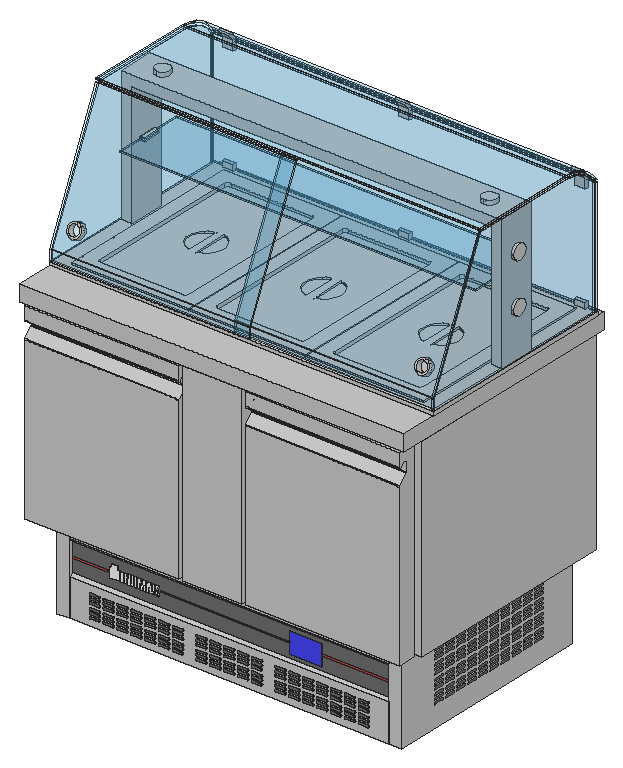
Revit family "QF_INOMAK_BSVP7300_250611022457", category Specialty Equipment, Revit 2021
Family settings
  Round Connector Dimension = Use Diameter
  Part Type = Normal
  OmniClass Number = 23.40.40.14
  OmniClass Title = Food Service Equipment
  Work Plane-Based = No
  Always vertical = Yes
  Cut with Voids When Loaded = No
  Shared = No
  Room Calculation Point = No
Parameters (values of type "BSVP7300")
  Weight [instance] = 121.00 kg
  Warranty Start Date [instance] = ""
  Warranty Duration [instance] = ""
  Volts [instance] = 230 V
  Volt Free Conn [instance] = no
  URL Recommended Spares List [instance] = ""
  URL Manufacturer [instance] = ""
  URL Cutsheet [instance] = ""
  URL Critical Spares List [instance] = ""
  URL = "www.inomak.com"
  Technical Documentation [instance] = ""
  Tag Number [instance] = ""
  Status [instance] = ""
  Start Up Current [instance] = 0 A
  Specification by User [instance] = ""
  Specification by Manufacturer [instance] = ""
  Sound Level [instance] = ""
  Show Logo [instance] = yes
  Show Clearances [instance] = yes
  Service Life Duration [instance] = ""
  Serial Number [instance] = ""
  Seismic Rating [instance] = ""
  SMACNA No [instance] = ""
  Revision Code [instance] = ""
  Revision [instance] = ""
  Production Year [instance] = ""
  Potential Equalisation [instance] = no
  Point Load [instance] = 0
  Phase [instance] = 1
  Other Equipment Approvals [instance] = ""
  Operational Current [instance] = 0 A
  Number of Poles [instance] = 2
  No Load Power Draw [instance] = no
  NAFEM Spec ID Number [instance] = ""
  Model Warning [instance] = ""
  Model = "BSVP7300"
  Min Ckt Ampacity [instance] = 0 A
  Max Overcurrent Protection [instance] = 10 A
  Masterspec [instance] = ""
  Manufacturer = "INOMAK"
  Main switch integrated [instance] = no
  Length Actual [instance] = 1080 mm
  Item Number [instance] = ""
  Installed By [instance] = ""
  Installation Date [instance] = ""
  Identify Quantity as Lot [instance] = no
  ID [instance] = ""
  Hygiene Approval [instance] = ""
  Height Actual [instance] = 1298 mm
  HP power [instance] = ""
  Furnished By [instance] = ""
  Foodservice Equipment Identifier [instance] = no
  FL Amps [instance] = 2.9 A
  Electrical Remarks [instance] = ""
  Electric power [instance] = 370 W
  Electric Connection Type [instance] = ""
  Elec Conn RI Height [instance] = 0 mm
  Elec Conn Connection Height [instance] = 0 mm
  ETL Approved [instance] = no
  Description = "BOLETUS REFRIGERATED COUNTER WITH BASE MOTOR AND FLEXIBLE VITRINE SYSTEM"
  Depth Actual [instance] = 700 mm
  Default Elevation = 0 mm
  Cycle [instance] = 50 Hz
  Cost = 0
  Connection to energy optimisation system [instance] = yes
  Conn Plug [instance] = ""
  Conn Conduit [instance] = no
  Centralized building control system with digital interface [instance] = ""
  CSI MasterFormat [instance] = ""
  CE Approved [instance] = no
  Barcode [instance] = 0
  Author [instance] = ""
  Asset Identifier [instance] = ""
  Apparent Power [instance] = 370 VA
  Accessory [instance] = no
Reference planes
  plane 1 "Center (Front/Back)": y = 0
  plane 2: z = 0
  plane 3 "Center (Left/Right)": x = 0
Forms (mm)
  Extrusion 1, solid, not visible
    sketch origin (1000.049, -42.002, 150.007) x (1, 0, 0) y (0, 1, 0)
      loop
        line (-2, 2) -> (-2, -2) -> (2, -2) -> (2, 2) -> (-2, 2)
    from -2 to 2
Dimensions and locks
  locked: Extrusion 1 to nested 2
  locked: nested 2 to Extrusion 1 at 2
  aligned and locked: level to plane 2
Nested families
  nested 1: "QF_INOMAK_REF_BASE_MOTOR_2920" at (0, 0, 0), type "BSVP7300"
    with Weight 121.00 kg, Warranty Start Date "", Warranty Duration "", URL Cutsheet "", Technical Documentation "", Tag Number "", Status "", Specification by User "", Specification by Manufacturer "", Sound Level "", Solid Fuel Type "", Show Clearances yes, Show Clearance yes, Service Life Duration "", Serial Number "", Seismic Rating "", SMACNA No "", Revision Code "", Revision "", Production Year "", Point Load 0, Other Equipment Approvals "", NAFEM Spec ID Number "", Model Warning "", Masterspec "", Length Actual 1080 mm, Item Number "", Installed By "", Installation Date "", Identify Quantity as Lot yes, ID "", Hygiene Approval "", Height Actual 1298 mm, Furnished By "", Foodservice Equipment Identifier yes, Finish none, ETL Approved yes, Depth Actual 700 mm, CSI MasterFormat "", CE Approved yes, Barcode "", Author "", Asset Identifier "", Accessory no
  nested 2: "CONN_POINT_ELE_2D___Generic_Annotation" at (1000.049, -40.002, 150.007), type "CONN_POINT_ELE_2D___Generic_Annotation"
    with Onboard connection annotation symbol visibility yes
  nested 3: "QF_INOMAK_REF_WORKTOPS_WTVF_1080_5707" at (0, 0, 812), type "WTVF-1080-700"
    with Worktop thickness 46 mm, Weight 0.00 kg, Warranty Start Date "", Warranty Duration "", URL Cutsheet "", Technical Documentation "", Tag Number "", Status "", Specification by User "", Specification by Manufacturer "", Sound Level "", Solid Fuel Type "", Show Logo yes, Show Clearances yes, Service Life Duration "", Serial Number "", Seismic Rating "", SMACNA No "", Revision Code "", Revision "", Production Year "", Point Load 0, Other Equipment Approvals "", NAFEM Spec ID Number "", Model Warning "", Masterspec "", Length Actual 1080 mm, Item Number "", Installed By "", Installation Date "", Identify Quantity as Lot yes, ID "", Hygiene Approval "", Height Actual 46 mm, Height AFF 0 mm, Furnished By "", Foodservice Equipment Identifier yes, Finish none, ETL Approved yes, Depth Actual 700 mm, CSI MasterFormat "", CE Approved yes, Barcode "", Author "", Asset Identifier "", Accessory yes
Connectors
  electrical at (1000.049, -40.002, 150.007), driven by "Apparent Power", driven by "Number of Poles", driven by "Volts"
    settings: on Extrusion 1, index 1, voltage 230 V, apparent load 0 VA, apparent load phase1 370 VA, apparent load phase2 0 VA, apparent load phase3 0 VA, power factor 1, load classification "Other", number of poles 2, system type 31, power factor state 1, is connector primary yes, connector utility no, sub classification motor no, connector description "Electrical connection for BSVP7300"
Definition of nested family "QF_INOMAK_REF_BASE_MOTOR_2920"
  Parameters (values of type "BRVP7300")
    Weight [instance] = 0.00 kg
    Warranty Start Date [instance] = ""
    Warranty Duration [instance] = ""
    URL Cutsheet [instance] = ""
    URL = "www.inomak.com"
    Technical Documentation [instance] = ""
    Tag Number [instance] = ""
    Status [instance] = ""
    Specification by User [instance] = ""
    Specification by Manufacturer [instance] = ""
    Sound Level [instance] = ""
    Solid Fuel Type [instance] = ""
    Show Logo = yes
    Show Clearances [instance] = yes
    Show Clearance [instance] = yes
    Service Life Duration [instance] = ""
    Serial Number [instance] = ""
    Seismic Rating [instance] = ""
    SMACNA No [instance] = ""
    Revision Code [instance] = ""
    Revision [instance] = ""
    Production Year [instance] = ""
    Point Load [instance] = 0
    Other Equipment Approvals [instance] = ""
    NAFEM Spec ID Number [instance] = ""
    Model Warning [instance] = ""
    Model = "BRVP7300"
    Masterspec [instance] = ""
    Manufacturer = "INOMAK"
    Length Actual [instance] = 0 mm
    Item Number [instance] = ""
    Installed By [instance] = ""
    Installation Date [instance] = ""
    Identify Quantity as Lot [instance] = yes
    ID [instance] = ""
    Hygiene Approval [instance] = ""
    Height Actual [instance] = 0 mm
    Furnished By [instance] = ""
    Foodservice Equipment Identifier [instance] = yes
    Finish [instance] = none
    ETL Approved [instance] = yes
    Description = "BOLETUS SALADETTE COUNTER WITH DOUBLE SNEEZE GUARD AND 2 DOORS, BASE MOTOR"
    Depth Actual [instance] = 0 mm
    Default Elevation = 0 mm
    CSI MasterFormat [instance] = ""
    CE Approved [instance] = yes
    Barcode [instance] = ""
    Author [instance] = ""
    Asset Identifier [instance] = ""
    Assembly Code = "E1090320"
    Accessory [instance] = yes
  Types (7, lengths in mm): name | Model | Description
    BPVP7300 | "BPVP7300" | "BOLETUS CHILLER COUNTER WITH 2 DOORS, BASE MOTOR"
    BSVP77 | "BSVP77" | "BOLETUS CHILLER COUNTER WITH 2 DOORS AND RETRACTABLE LID, BASE MOTOR"
    BSVP7300 | "BSVP7300" | "BOLETUS REFRIGERATED COUNTER WITH BASE MOTOR AND FLEXIBLE VITRINE SYSTEM"
    BPZP7300 | "BPZP7300" | "BOLETUS SALADETTE COUNTER WITH PREP STATION AND 2 DOORS, BASE MOTOR"
    BVVP7300 | "BVVP7300" | "BOLETUS SALADETTE COUNTER WITH SINGLE SNEEZE GUARD AND 2 DOORS, BASE MOTOR"
    BSQP7300 | "BSQP7300" | "BOLETUS SALADETTE COUNTER WITH SQUARE SHOWCASE AND 2 DOORS, BASE MOTOR"
    BRVP7300 | "BRVP7300" | "BOLETUS SALADETTE COUNTER WITH DOUBLE SNEEZE GUARD AND 2 DOORS, BASE MOTOR"
  Reference planes
    plane 1 "Back": y = 0
    plane 2: z = 0
    plane 3 "Left": x = 0
    plane 4 "Right": x = 1080
    plane 5 "Front": y = -700
    plane 6 "Top": z = 812
  Forms (mm)
    Extrusion 1, solid
      sketch origin (-1817.685, -640, 3553.67) x (-1, 0, 0) y (0, 0, 1)
        loop
          line (-2612.685, -3353.789) -> (-2612.685, -3411.65) -> (-2522.133, -3411.65) -> (-2522.133, -3353.789) -> (-2612.685, -3353.789)
      from 7.3 to 10.302
    Extrusion 2, solid
      sketch origin (-1732.685, -640, 3553.67) x (-1, 0, 0) y (0, 0, 1)
        loop
          line (-1823.685, -3342.27) -> (-2721.685, -3342.27) -> (-2721.685, -3421.309) -> (-1823.685, -3421.309) -> (-1823.685, -3342.27)
      from 7.8 to 10.302
    Extrusion 3, solid, visible <- "Show Logo"
      sketch origin (-1577.685, -640, 3553.67) x (-1, 0, 0) y (0, 0, 1)
        loop
          line (-1776.745, -3369.74) -> (-1782.745, -3369.74) -> (-1782.745, -3358.633) -> (-1796.982, -3358.633) -> (-1796.982, -3369.74) -> (-1802.982, -3369.74) -> (-1802.982, -3395.99) -> (-1776.745, -3395.99) -> (-1776.745, -3369.74)
        loop
          line (-1807.298, -3370.052) -> (-1814.587, -3370.052) -> (-1814.587, -3395.99) -> (-1807.298, -3395.99) -> (-1807.298, -3370.052)
        loop
          line (-1817.107, -3395.99) -> (-1817.107, -3370.052) -> (-1823.94, -3370.052) -> (-1827.134, -3381.971) -> (-1827.134, -3370.052) -> (-1833.666, -3370.052) -> (-1833.666, -3395.99) -> (-1827.134, -3395.99) -> (-1823.42, -3382.127) -> (-1823.42, -3395.99) -> (-1817.107, -3395.99)
        loop
          line (-1854.348, -3395.99) -> (-1854.348, -3370.052) -> (-1863.311, -3370.052) -> (-1865.673, -3384.062) -> (-1868.035, -3370.052) -> (-1876.997, -3370.052) -> (-1876.997, -3395.99) -> (-1870.372, -3395.99) -> (-1870.372, -3382.127) -> (-1868.035, -3395.99) -> (-1863.311, -3395.99) -> (-1860.973, -3382.127) -> (-1860.973, -3395.99) -> (-1854.348, -3395.99)
        loop
          line (-1839.536, -3370.052) -> (-1848.861, -3370.052)
          arc (-1848.861, -3370.052) -> (-1851.458, -3371.128) -> (-1852.533, -3373.724) r 3.672
          line (-1852.533, -3373.724) -> (-1852.533, -3392.318)
          arc (-1852.533, -3392.318) -> (-1851.458, -3394.914) -> (-1848.861, -3395.99) r 3.672
          line (-1848.861, -3395.99) -> (-1839.536, -3395.99)
          arc (-1839.536, -3395.99) -> (-1836.939, -3394.914) -> (-1835.864, -3392.318) r 3.672
          line (-1835.864, -3392.318) -> (-1835.864, -3373.724)
          arc (-1835.864, -3373.724) -> (-1836.939, -3371.128) -> (-1839.536, -3370.052) r 3.672
        loop
          arc (-1843.172, -3373.208) -> (-1844.198, -3372.181) -> (-1845.225, -3373.208) r 1.027
          line (-1845.225, -3373.208) -> (-1845.225, -3391.801)
          arc (-1845.225, -3391.801) -> (-1844.198, -3392.828) -> (-1843.172, -3391.801) r 1.027
          line (-1843.172, -3391.801) -> (-1843.172, -3373.208)
        loop
          line (-1878.066, -3395.99) -> (-1882.439, -3370.052) -> (-1891.3, -3370.052) -> (-1895.673, -3395.99) -> (-1889.146, -3395.99) -> (-1888.536, -3391.027) -> (-1885.203, -3391.027) -> (-1884.593, -3395.99) -> (-1878.066, -3395.99)
        loop
          line (-1885.759, -3386.498) -> (-1886.87, -3377.452) -> (-1887.98, -3386.498) -> (-1885.759, -3386.498)
        loop
          line (-1896.638, -3395.99) -> (-1896.638, -3370.052) -> (-1903.263, -3370.052) -> (-1903.263, -3379.165) -> (-1906.049, -3370.052) -> (-1913.487, -3370.052) -> (-1909.159, -3381.329) -> (-1914.207, -3395.99) -> (-1906.623, -3395.99) -> (-1903.263, -3383.45) -> (-1903.263, -3395.99) -> (-1896.638, -3395.99)
      from 7.3 to 10.3
    Extrusion 4, solid
      sketch origin (-1732.685, -640, 3553.67) x (-1, 0, 0) y (0, 0, 1)
        loop
          line (-1823.685, -3379.789) -> (-1924.679, -3379.789) -> (-1924.679, -3383.789) -> (-1823.685, -3383.789) -> (-1823.685, -3379.789)
        loop
          line (-2073.161, -3379.789) -> (-2437.133, -3379.789) -> (-2437.133, -3383.789) -> (-2073.161, -3383.789) -> (-2073.161, -3379.789)
        loop
          line (-2721.685, -3379.789) -> (-2721.685, -3383.789) -> (-2527.685, -3383.789) -> (-2527.685, -3379.789) -> (-2721.685, -3379.789)
      from 7.3 to 10.302
    Extrusion 5, solid, material <- "Finish"
      sketch origin (0, 84.612, -2428.33) x (0, 1, 0) y (0, 0, 1)
        loop
          line (-724.612, 2698.33) -> (-724.612, 2648.032) -> (-716.31, 2639.73) -> (-716.31, 2560.691) -> (-724.612, 2552.389) -> (-724.612, 2448.33) -> (-124.612, 2448.33) -> (-124.612, 2698.33) -> (-724.612, 2698.33)
      from 91 to 989
    Extrusion 6, solid, material <- "Finish"
      sketch origin (56, -9.097, -395.687) x (1, 0, 0) y (0, 1, 0)
        loop
          line (0, -630.903) -> (35, -630.903) -> (35, -30.903) -> (0, -30.903) -> (0, -630.903)
      from 415.687 to 665.687
    Extrusion 7, solid, material <- "Finish"
      sketch origin (664, -9.097, -395.687) x (-1, 0, 0) y (0, -1, 0)
        loop
          line (-360, 630.903) -> (-360, 30.903) -> (-325, 30.903) -> (-325, 630.903) -> (-360, 630.903)
      from 415.687 to 665.687
    Extrusion 8, solid
      sketch origin (-1577.755, -657, -505.005) x (-1, 0, 0) y (0, 0, 1)
        loop
          arc (-1985.436, 609.535) -> (-1988.436, 606.535) -> (-1985.436, 603.535) r 3
          line (-1985.436, 603.535) -> (-1961.436, 603.535)
          arc (-1961.436, 603.535) -> (-1958.436, 606.535) -> (-1961.436, 609.535) r 3
          line (-1961.436, 609.535) -> (-1985.436, 609.535)
        loop
          arc (-1946.436, 609.535) -> (-1949.436, 606.535) -> (-1946.436, 603.535) r 3
          line (-1946.436, 603.535) -> (-1922.436, 603.535)
          arc (-1922.436, 603.535) -> (-1919.436, 606.535) -> (-1922.436, 609.535) r 3
          line (-1922.436, 609.535) -> (-1946.436, 609.535)
        loop
          arc (-1907.436, 609.535) -> (-1910.436, 606.535) -> (-1907.436, 603.535) r 3
          line (-1907.436, 603.535) -> (-1883.436, 603.535)
          arc (-1883.436, 603.535) -> (-1880.436, 606.535) -> (-1883.436, 609.535) r 3
          line (-1883.436, 609.535) -> (-1907.436, 609.535)
        loop
          arc (-1868.436, 609.535) -> (-1871.436, 606.535) -> (-1868.436, 603.535) r 3
          line (-1868.436, 603.535) -> (-1844.436, 603.535)
          arc (-1844.436, 603.535) -> (-1841.436, 606.535) -> (-1844.436, 609.535) r 3
          line (-1844.436, 609.535) -> (-1868.436, 609.535)
        loop
          arc (-1829.436, 609.535) -> (-1832.436, 606.535) -> (-1829.436, 603.535) r 3
          line (-1829.436, 603.535) -> (-1805.436, 603.535)
          arc (-1805.436, 603.535) -> (-1802.436, 606.535) -> (-1805.436, 609.535) r 3
          line (-1805.436, 609.535) -> (-1829.436, 609.535)
        loop
          arc (-1790.436, 609.535) -> (-1793.436, 606.535) -> (-1790.436, 603.535) r 3
          line (-1790.436, 603.535) -> (-1766.436, 603.535)
          arc (-1766.436, 603.535) -> (-1763.436, 606.535) -> (-1766.436, 609.535) r 3
          line (-1766.436, 609.535) -> (-1790.436, 609.535)
        loop
          arc (-1751.436, 609.535) -> (-1754.436, 606.535) -> (-1751.436, 603.535) r 3
          line (-1751.436, 603.535) -> (-1727.436, 603.535)
          arc (-1727.436, 603.535) -> (-1724.436, 606.535) -> (-1727.436, 609.535) r 3
          line (-1727.436, 609.535) -> (-1751.436, 609.535)
        loop
          arc (-1985.436, 598.535) -> (-1988.436, 595.535) -> (-1985.436, 592.535) r 3
          line (-1985.436, 592.535) -> (-1961.436, 592.535)
          arc (-1961.436, 592.535) -> (-1958.436, 595.535) -> (-1961.436, 598.535) r 3
          line (-1961.436, 598.535) -> (-1985.436, 598.535)
        loop
          arc (-1946.436, 598.535) -> (-1949.436, 595.535) -> (-1946.436, 592.535) r 3
          line (-1946.436, 592.535) -> (-1922.436, 592.535)
          arc (-1922.436, 592.535) -> (-1919.436, 595.535) -> (-1922.436, 598.535) r 3
          line (-1922.436, 598.535) -> (-1946.436, 598.535)
        loop
          arc (-1907.436, 598.535) -> (-1910.436, 595.535) -> (-1907.436, 592.535) r 3
          line (-1907.436, 592.535) -> (-1883.436, 592.535)
          arc (-1883.436, 592.535) -> (-1880.436, 595.535) -> (-1883.436, 598.535) r 3
          line (-1883.436, 598.535) -> (-1907.436, 598.535)
        loop
          arc (-1868.436, 598.535) -> (-1871.436, 595.535) -> (-1868.436, 592.535) r 3
          line (-1868.436, 592.535) -> (-1844.436, 592.535)
          arc (-1844.436, 592.535) -> (-1841.436, 595.535) -> (-1844.436, 598.535) r 3
          line (-1844.436, 598.535) -> (-1868.436, 598.535)
        loop
          arc (-1829.436, 598.535) -> (-1832.436, 595.535) -> (-1829.436, 592.535) r 3
          line (-1829.436, 592.535) -> (-1805.436, 592.535)
          arc (-1805.436, 592.535) -> (-1802.436, 595.535) -> (-1805.436, 598.535) r 3
          line (-1805.436, 598.535) -> (-1829.436, 598.535)
        loop
          arc (-1790.436, 598.535) -> (-1793.436, 595.535) -> (-1790.436, 592.535) r 3
          line (-1790.436, 592.535) -> (-1766.436, 592.535)
          arc (-1766.436, 592.535) -> (-1763.436, 595.535) -> (-1766.436, 598.535) r 3
          line (-1766.436, 598.535) -> (-1790.436, 598.535)
        loop
          arc (-1751.436, 598.535) -> (-1754.436, 595.535) -> (-1751.436, 592.535) r 3
          line (-1751.436, 592.535) -> (-1727.436, 592.535)
          arc (-1727.436, 592.535) -> (-1724.436, 595.535) -> (-1727.436, 598.535) r 3
          line (-1727.436, 598.535) -> (-1751.436, 598.535)
        loop
          arc (-1985.436, 587.535) -> (-1988.436, 584.535) -> (-1985.436, 581.535) r 3
          line (-1985.436, 581.535) -> (-1961.436, 581.535)
          arc (-1961.436, 581.535) -> (-1958.436, 584.535) -> (-1961.436, 587.535) r 3
          line (-1961.436, 587.535) -> (-1985.436, 587.535)
        loop
          arc (-1946.436, 587.535) -> (-1949.436, 584.535) -> (-1946.436, 581.535) r 3
          line (-1946.436, 581.535) -> (-1922.436, 581.535)
          arc (-1922.436, 581.535) -> (-1919.436, 584.535) -> (-1922.436, 587.535) r 3
          line (-1922.436, 587.535) -> (-1946.436, 587.535)
        loop
          arc (-1907.436, 587.535) -> (-1910.436, 584.535) -> (-1907.436, 581.535) r 3
          line (-1907.436, 581.535) -> (-1883.436, 581.535)
          arc (-1883.436, 581.535) -> (-1880.436, 584.535) -> (-1883.436, 587.535) r 3
          line (-1883.436, 587.535) -> (-1907.436, 587.535)
        loop
          arc (-1868.436, 587.535) -> (-1871.436, 584.535) -> (-1868.436, 581.535) r 3
          line (-1868.436, 581.535) -> (-1844.436, 581.535)
          arc (-1844.436, 581.535) -> (-1841.436, 584.535) -> (-1844.436, 587.535) r 3
          line (-1844.436, 587.535) -> (-1868.436, 587.535)
        loop
          arc (-1829.436, 587.535) -> (-1832.436, 584.535) -> (-1829.436, 581.535) r 3
          line (-1829.436, 581.535) -> (-1805.436, 581.535)
          arc (-1805.436, 581.535) -> (-1802.436, 584.535) -> (-1805.436, 587.535) r 3
          line (-1805.436, 587.535) -> (-1829.436, 587.535)
        loop
          arc (-1790.436, 587.535) -> (-1793.436, 584.535) -> (-1790.436, 581.535) r 3
          line (-1790.436, 581.535) -> (-1766.436, 581.535)
          arc (-1766.436, 581.535) -> (-1763.436, 584.535) -> (-1766.436, 587.535) r 3
          line (-1766.436, 587.535) -> (-1790.436, 587.535)
        loop
          arc (-1751.436, 587.535) -> (-1754.436, 584.535) -> (-1751.436, 581.535) r 3
          line (-1751.436, 581.535) -> (-1727.436, 581.535)
          arc (-1727.436, 581.535) -> (-1724.436, 584.535) -> (-1727.436, 587.535) r 3
          line (-1727.436, 587.535) -> (-1751.436, 587.535)
        loop
          arc (-1985.436, 572.535) -> (-1988.436, 569.535) -> (-1985.436, 566.535) r 3
          line (-1985.436, 566.535) -> (-1961.436, 566.535)
          arc (-1961.436, 566.535) -> (-1958.436, 569.535) -> (-1961.436, 572.535) r 3
          line (-1961.436, 572.535) -> (-1985.436, 572.535)
        loop
          arc (-1946.436, 572.535) -> (-1949.436, 569.535) -> (-1946.436, 566.535) r 3
          line (-1946.436, 566.535) -> (-1922.436, 566.535)
          arc (-1922.436, 566.535) -> (-1919.436, 569.535) -> (-1922.436, 572.535) r 3
          line (-1922.436, 572.535) -> (-1946.436, 572.535)
        loop
          arc (-1907.436, 572.535) -> (-1910.436, 569.535) -> (-1907.436, 566.535) r 3
          line (-1907.436, 566.535) -> (-1883.436, 566.535)
          arc (-1883.436, 566.535) -> (-1880.436, 569.535) -> (-1883.436, 572.535) r 3
          line (-1883.436, 572.535) -> (-1907.436, 572.535)
        loop
          arc (-1868.436, 572.535) -> (-1871.436, 569.535) -> (-1868.436, 566.535) r 3
          line (-1868.436, 566.535) -> (-1844.436, 566.535)
          arc (-1844.436, 566.535) -> (-1841.436, 569.535) -> (-1844.436, 572.535) r 3
          line (-1844.436, 572.535) -> (-1868.436, 572.535)
        loop
          arc (-1829.436, 572.535) -> (-1832.436, 569.535) -> (-1829.436, 566.535) r 3
          line (-1829.436, 566.535) -> (-1805.436, 566.535)
          arc (-1805.436, 566.535) -> (-1802.436, 569.535) -> (-1805.436, 572.535) r 3
          line (-1805.436, 572.535) -> (-1829.436, 572.535)
        loop
          arc (-1790.436, 572.535) -> (-1793.436, 569.535) -> (-1790.436, 566.535) r 3
          line (-1790.436, 566.535) -> (-1766.436, 566.535)
          arc (-1766.436, 566.535) -> (-1763.436, 569.535) -> (-1766.436, 572.535) r 3
          line (-1766.436, 572.535) -> (-1790.436, 572.535)
        loop
          arc (-1751.436, 572.535) -> (-1754.436, 569.535) -> (-1751.436, 566.535) r 3
          line (-1751.436, 566.535) -> (-1727.436, 566.535)
          arc (-1727.436, 566.535) -> (-1724.436, 569.535) -> (-1727.436, 572.535) r 3
          line (-1727.436, 572.535) -> (-1751.436, 572.535)
        loop
          arc (-1985.436, 561.535) -> (-1988.436, 558.535) -> (-1985.436, 555.535) r 3
          line (-1985.436, 555.535) -> (-1961.436, 555.535)
          arc (-1961.436, 555.535) -> (-1958.436, 558.535) -> (-1961.436, 561.535) r 3
          line (-1961.436, 561.535) -> (-1985.436, 561.535)
        loop
          arc (-1946.436, 561.535) -> (-1949.436, 558.535) -> (-1946.436, 555.535) r 3
          line (-1946.436, 555.535) -> (-1922.436, 555.535)
          arc (-1922.436, 555.535) -> (-1919.436, 558.535) -> (-1922.436, 561.535) r 3
          line (-1922.436, 561.535) -> (-1946.436, 561.535)
        loop
          arc (-1907.436, 561.535) -> (-1910.436, 558.535) -> (-1907.436, 555.535) r 3
          line (-1907.436, 555.535) -> (-1883.436, 555.535)
          arc (-1883.436, 555.535) -> (-1880.436, 558.535) -> (-1883.436, 561.535) r 3
          line (-1883.436, 561.535) -> (-1907.436, 561.535)
        loop
          arc (-1868.436, 561.535) -> (-1871.436, 558.535) -> (-1868.436, 555.535) r 3
          line (-1868.436, 555.535) -> (-1844.436, 555.535)
          arc (-1844.436, 555.535) -> (-1841.436, 558.535) -> (-1844.436, 561.535) r 3
          line (-1844.436, 561.535) -> (-1868.436, 561.535)
        loop
          arc (-1829.436, 561.535) -> (-1832.436, 558.535) -> (-1829.436, 555.535) r 3
          line (-1829.436, 555.535) -> (-1805.436, 555.535)
          arc (-1805.436, 555.535) -> (-1802.436, 558.535) -> (-1805.436, 561.535) r 3
          line (-1805.436, 561.535) -> (-1829.436, 561.535)
        loop
          arc (-1790.436, 561.535) -> (-1793.436, 558.535) -> (-1790.436, 555.535) r 3
          line (-1790.436, 555.535) -> (-1766.436, 555.535)
          arc (-1766.436, 555.535) -> (-1763.436, 558.535) -> (-1766.436, 561.535) r 3
          line (-1766.436, 561.535) -> (-1790.436, 561.535)
        loop
          arc (-1751.436, 561.535) -> (-1754.436, 558.535) -> (-1751.436, 555.535) r 3
          line (-1751.436, 555.535) -> (-1727.436, 555.535)
          arc (-1727.436, 555.535) -> (-1724.436, 558.535) -> (-1727.436, 561.535) r 3
          line (-1727.436, 561.535) -> (-1751.436, 561.535)
        loop
          arc (-1985.436, 550.535) -> (-1988.436, 547.535) -> (-1985.436, 544.535) r 3
          line (-1985.436, 544.535) -> (-1961.436, 544.535)
          arc (-1961.436, 544.535) -> (-1958.436, 547.535) -> (-1961.436, 550.535) r 3
          line (-1961.436, 550.535) -> (-1985.436, 550.535)
        loop
          arc (-1946.436, 550.535) -> (-1949.436, 547.535) -> (-1946.436, 544.535) r 3
          line (-1946.436, 544.535) -> (-1922.436, 544.535)
          arc (-1922.436, 544.535) -> (-1919.436, 547.535) -> (-1922.436, 550.535) r 3
          line (-1922.436, 550.535) -> (-1946.436, 550.535)
        loop
          arc (-1907.436, 550.535) -> (-1910.436, 547.535) -> (-1907.436, 544.535) r 3
          line (-1907.436, 544.535) -> (-1883.436, 544.535)
          arc (-1883.436, 544.535) -> (-1880.436, 547.535) -> (-1883.436, 550.535) r 3
          line (-1883.436, 550.535) -> (-1907.436, 550.535)
        loop
          arc (-1868.436, 550.535) -> (-1871.436, 547.535) -> (-1868.436, 544.535) r 3
          line (-1868.436, 544.535) -> (-1844.436, 544.535)
          arc (-1844.436, 544.535) -> (-1841.436, 547.535) -> (-1844.436, 550.535) r 3
          line (-1844.436, 550.535) -> (-1868.436, 550.535)
        loop
          arc (-1829.436, 550.535) -> (-1832.436, 547.535) -> (-1829.436, 544.535) r 3
          line (-1829.436, 544.535) -> (-1805.436, 544.535)
          arc (-1805.436, 544.535) -> (-1802.436, 547.535) -> (-1805.436, 550.535) r 3
          line (-1805.436, 550.535) -> (-1829.436, 550.535)
        loop
          arc (-1790.436, 550.535) -> (-1793.436, 547.535) -> (-1790.436, 544.535) r 3
          line (-1790.436, 544.535) -> (-1766.436, 544.535)
          arc (-1766.436, 544.535) -> (-1763.436, 547.535) -> (-1766.436, 550.535) r 3
          line (-1766.436, 550.535) -> (-1790.436, 550.535)
        loop
          arc (-1751.436, 550.535) -> (-1754.436, 547.535) -> (-1751.436, 544.535) r 3
          line (-1751.436, 544.535) -> (-1727.436, 544.535)
          arc (-1727.436, 544.535) -> (-1724.436, 547.535) -> (-1727.436, 550.535) r 3
          line (-1727.436, 550.535) -> (-1751.436, 550.535)
        loop
          line (-2250.075, 609.535) -> (-2274.075, 609.535)
          arc (-2274.075, 609.535) -> (-2277.075, 606.535) -> (-2274.075, 603.535) r 3
          line (-2274.075, 603.535) -> (-2250.075, 603.535)
          arc (-2250.075, 603.535) -> (-2247.075, 606.535) -> (-2250.075, 609.535) r 3
        loop
          line (-2289.075, 609.535) -> (-2313.075, 609.535)
          arc (-2313.075, 609.535) -> (-2316.075, 606.535) -> (-2313.075, 603.535) r 3
          line (-2313.075, 603.535) -> (-2289.075, 603.535)
          arc (-2289.075, 603.535) -> (-2286.075, 606.535) -> (-2289.075, 609.535) r 3
        loop
          line (-2328.075, 609.535) -> (-2352.075, 609.535)
          arc (-2352.075, 609.535) -> (-2355.075, 606.535) -> (-2352.075, 603.535) r 3
          line (-2352.075, 603.535) -> (-2328.075, 603.535)
          arc (-2328.075, 603.535) -> (-2325.075, 606.535) -> (-2328.075, 609.535) r 3
        loop
          line (-2367.075, 609.535) -> (-2391.075, 609.535)
          arc (-2391.075, 609.535) -> (-2394.075, 606.535) -> (-2391.075, 603.535) r 3
          line (-2391.075, 603.535) -> (-2367.075, 603.535)
          arc (-2367.075, 603.535) -> (-2364.075, 606.535) -> (-2367.075, 609.535) r 3
        loop
          line (-2406.075, 609.535) -> (-2430.075, 609.535)
          arc (-2430.075, 609.535) -> (-2433.075, 606.535) -> (-2430.075, 603.535) r 3
          line (-2430.075, 603.535) -> (-2406.075, 603.535)
          arc (-2406.075, 603.535) -> (-2403.075, 606.535) -> (-2406.075, 609.535) r 3
        loop
          line (-2445.075, 609.535) -> (-2469.075, 609.535)
          arc (-2469.075, 609.535) -> (-2472.075, 606.535) -> (-2469.075, 603.535) r 3
          line (-2469.075, 603.535) -> (-2445.075, 603.535)
          arc (-2445.075, 603.535) -> (-2442.075, 606.535) -> (-2445.075, 609.535) r 3
        loop
          line (-2484.075, 609.535) -> (-2508.075, 609.535)
          arc (-2508.075, 609.535) -> (-2511.075, 606.535) -> (-2508.075, 603.535) r 3
          line (-2508.075, 603.535) -> (-2484.075, 603.535)
          arc (-2484.075, 603.535) -> (-2481.075, 606.535) -> (-2484.075, 609.535) r 3
        loop
          line (-2250.075, 598.535) -> (-2274.075, 598.535)
          arc (-2274.075, 598.535) -> (-2277.075, 595.535) -> (-2274.075, 592.535) r 3
          line (-2274.075, 592.535) -> (-2250.075, 592.535)
          arc (-2250.075, 592.535) -> (-2247.075, 595.535) -> (-2250.075, 598.535) r 3
        loop
          line (-2289.075, 598.535) -> (-2313.075, 598.535)
          arc (-2313.075, 598.535) -> (-2316.075, 595.535) -> (-2313.075, 592.535) r 3
          line (-2313.075, 592.535) -> (-2289.075, 592.535)
          arc (-2289.075, 592.535) -> (-2286.075, 595.535) -> (-2289.075, 598.535) r 3
        loop
          line (-2328.075, 598.535) -> (-2352.075, 598.535)
          arc (-2352.075, 598.535) -> (-2355.075, 595.535) -> (-2352.075, 592.535) r 3
          line (-2352.075, 592.535) -> (-2328.075, 592.535)
          arc (-2328.075, 592.535) -> (-2325.075, 595.535) -> (-2328.075, 598.535) r 3
        loop
          line (-2367.075, 598.535) -> (-2391.075, 598.535)
          arc (-2391.075, 598.535) -> (-2394.075, 595.535) -> (-2391.075, 592.535) r 3
          line (-2391.075, 592.535) -> (-2367.075, 592.535)
          arc (-2367.075, 592.535) -> (-2364.075, 595.535) -> (-2367.075, 598.535) r 3
        loop
          line (-2406.075, 598.535) -> (-2430.075, 598.535)
          arc (-2430.075, 598.535) -> (-2433.075, 595.535) -> (-2430.075, 592.535) r 3
          line (-2430.075, 592.535) -> (-2406.075, 592.535)
          arc (-2406.075, 592.535) -> (-2403.075, 595.535) -> (-2406.075, 598.535) r 3
        loop
          line (-2445.075, 598.535) -> (-2469.075, 598.535)
          arc (-2469.075, 598.535) -> (-2472.075, 595.535) -> (-2469.075, 592.535) r 3
          line (-2469.075, 592.535) -> (-2445.075, 592.535)
          arc (-2445.075, 592.535) -> (-2442.075, 595.535) -> (-2445.075, 598.535) r 3
        loop
          line (-2484.075, 598.535) -> (-2508.075, 598.535)
          arc (-2508.075, 598.535) -> (-2511.075, 595.535) -> (-2508.075, 592.535) r 3
          line (-2508.075, 592.535) -> (-2484.075, 592.535)
          arc (-2484.075, 592.535) -> (-2481.075, 595.535) -> (-2484.075, 598.535) r 3
        loop
          line (-2250.075, 587.535) -> (-2274.075, 587.535)
          arc (-2274.075, 587.535) -> (-2277.075, 584.535) -> (-2274.075, 581.535) r 3
          line (-2274.075, 581.535) -> (-2250.075, 581.535)
          arc (-2250.075, 581.535) -> (-2247.075, 584.535) -> (-2250.075, 587.535) r 3
        loop
          line (-2289.075, 587.535) -> (-2313.075, 587.535)
          arc (-2313.075, 587.535) -> (-2316.075, 584.535) -> (-2313.075, 581.535) r 3
          line (-2313.075, 581.535) -> (-2289.075, 581.535)
          arc (-2289.075, 581.535) -> (-2286.075, 584.535) -> (-2289.075, 587.535) r 3
        loop
          line (-2328.075, 587.535) -> (-2352.075, 587.535)
          arc (-2352.075, 587.535) -> (-2355.075, 584.535) -> (-2352.075, 581.535) r 3
          line (-2352.075, 581.535) -> (-2328.075, 581.535)
          arc (-2328.075, 581.535) -> (-2325.075, 584.535) -> (-2328.075, 587.535) r 3
        loop
          line (-2367.075, 587.535) -> (-2391.075, 587.535)
          arc (-2391.075, 587.535) -> (-2394.075, 584.535) -> (-2391.075, 581.535) r 3
          line (-2391.075, 581.535) -> (-2367.075, 581.535)
          arc (-2367.075, 581.535) -> (-2364.075, 584.535) -> (-2367.075, 587.535) r 3
        loop
          line (-2406.075, 587.535) -> (-2430.075, 587.535)
          arc (-2430.075, 587.535) -> (-2433.075, 584.535) -> (-2430.075, 581.535) r 3
          line (-2430.075, 581.535) -> (-2406.075, 581.535)
          arc (-2406.075, 581.535) -> (-2403.075, 584.535) -> (-2406.075, 587.535) r 3
        loop
          line (-2445.075, 587.535) -> (-2469.075, 587.535)
          arc (-2469.075, 587.535) -> (-2472.075, 584.535) -> (-2469.075, 581.535) r 3
          line (-2469.075, 581.535) -> (-2445.075, 581.535)
          arc (-2445.075, 581.535) -> (-2442.075, 584.535) -> (-2445.075, 587.535) r 3
        loop
          line (-2484.075, 587.535) -> (-2508.075, 587.535)
          arc (-2508.075, 587.535) -> (-2511.075, 584.535) -> (-2508.075, 581.535) r 3
          line (-2508.075, 581.535) -> (-2484.075, 581.535)
          arc (-2484.075, 581.535) -> (-2481.075, 584.535) -> (-2484.075, 587.535) r 3
        loop
          line (-2250.075, 572.535) -> (-2274.075, 572.535)
          arc (-2274.075, 572.535) -> (-2277.075, 569.535) -> (-2274.075, 566.535) r 3
          line (-2274.075, 566.535) -> (-2250.075, 566.535)
          arc (-2250.075, 566.535) -> (-2247.075, 569.535) -> (-2250.075, 572.535) r 3
        loop
          line (-2289.075, 572.535) -> (-2313.075, 572.535)
          arc (-2313.075, 572.535) -> (-2316.075, 569.535) -> (-2313.075, 566.535) r 3
          line (-2313.075, 566.535) -> (-2289.075, 566.535)
          arc (-2289.075, 566.535) -> (-2286.075, 569.535) -> (-2289.075, 572.535) r 3
        loop
          line (-2328.075, 572.535) -> (-2352.075, 572.535)
          arc (-2352.075, 572.535) -> (-2355.075, 569.535) -> (-2352.075, 566.535) r 3
          line (-2352.075, 566.535) -> (-2328.075, 566.535)
          arc (-2328.075, 566.535) -> (-2325.075, 569.535) -> (-2328.075, 572.535) r 3
        loop
          line (-2367.075, 572.535) -> (-2391.075, 572.535)
          arc (-2391.075, 572.535) -> (-2394.075, 569.535) -> (-2391.075, 566.535) r 3
          line (-2391.075, 566.535) -> (-2367.075, 566.535)
          arc (-2367.075, 566.535) -> (-2364.075, 569.535) -> (-2367.075, 572.535) r 3
        loop
          line (-2406.075, 572.535) -> (-2430.075, 572.535)
          arc (-2430.075, 572.535) -> (-2433.075, 569.535) -> (-2430.075, 566.535) r 3
          line (-2430.075, 566.535) -> (-2406.075, 566.535)
          arc (-2406.075, 566.535) -> (-2403.075, 569.535) -> (-2406.075, 572.535) r 3
        loop
          line (-2445.075, 572.535) -> (-2469.075, 572.535)
          arc (-2469.075, 572.535) -> (-2472.075, 569.535) -> (-2469.075, 566.535) r 3
          line (-2469.075, 566.535) -> (-2445.075, 566.535)
          arc (-2445.075, 566.535) -> (-2442.075, 569.535) -> (-2445.075, 572.535) r 3
        loop
          line (-2484.075, 572.535) -> (-2508.075, 572.535)
          arc (-2508.075, 572.535) -> (-2511.075, 569.535) -> (-2508.075, 566.535) r 3
          line (-2508.075, 566.535) -> (-2484.075, 566.535)
          arc (-2484.075, 566.535) -> (-2481.075, 569.535) -> (-2484.075, 572.535) r 3
        loop
          line (-2250.075, 561.535) -> (-2274.075, 561.535)
          arc (-2274.075, 561.535) -> (-2277.075, 558.535) -> (-2274.075, 555.535) r 3
          line (-2274.075, 555.535) -> (-2250.075, 555.535)
          arc (-2250.075, 555.535) -> (-2247.075, 558.535) -> (-2250.075, 561.535) r 3
        loop
          line (-2289.075, 561.535) -> (-2313.075, 561.535)
          arc (-2313.075, 561.535) -> (-2316.075, 558.535) -> (-2313.075, 555.535) r 3
          line (-2313.075, 555.535) -> (-2289.075, 555.535)
          arc (-2289.075, 555.535) -> (-2286.075, 558.535) -> (-2289.075, 561.535) r 3
        loop
          line (-2328.075, 561.535) -> (-2352.075, 561.535)
          arc (-2352.075, 561.535) -> (-2355.075, 558.535) -> (-2352.075, 555.535) r 3
          line (-2352.075, 555.535) -> (-2328.075, 555.535)
          arc (-2328.075, 555.535) -> (-2325.075, 558.535) -> (-2328.075, 561.535) r 3
        loop
          line (-2367.075, 561.535) -> (-2391.075, 561.535)
          arc (-2391.075, 561.535) -> (-2394.075, 558.535) -> (-2391.075, 555.535) r 3
          line (-2391.075, 555.535) -> (-2367.075, 555.535)
          arc (-2367.075, 555.535) -> (-2364.075, 558.535) -> (-2367.075, 561.535) r 3
        loop
          line (-2406.075, 561.535) -> (-2430.075, 561.535)
          arc (-2430.075, 561.535) -> (-2433.075, 558.535) -> (-2430.075, 555.535) r 3
          line (-2430.075, 555.535) -> (-2406.075, 555.535)
          arc (-2406.075, 555.535) -> (-2403.075, 558.535) -> (-2406.075, 561.535) r 3
        loop
          line (-2445.075, 561.535) -> (-2469.075, 561.535)
          arc (-2469.075, 561.535) -> (-2472.075, 558.535) -> (-2469.075, 555.535) r 3
          line (-2469.075, 555.535) -> (-2445.075, 555.535)
          arc (-2445.075, 555.535) -> (-2442.075, 558.535) -> (-2445.075, 561.535) r 3
        loop
          line (-2484.075, 561.535) -> (-2508.075, 561.535)
          arc (-2508.075, 561.535) -> (-2511.075, 558.535) -> (-2508.075, 555.535) r 3
          line (-2508.075, 555.535) -> (-2484.075, 555.535)
          arc (-2484.075, 555.535) -> (-2481.075, 558.535) -> (-2484.075, 561.535) r 3
        loop
          line (-2250.075, 550.535) -> (-2274.075, 550.535)
          arc (-2274.075, 550.535) -> (-2277.075, 547.535) -> (-2274.075, 544.535) r 3
          line (-2274.075, 544.535) -> (-2250.075, 544.535)
          arc (-2250.075, 544.535) -> (-2247.075, 547.535) -> (-2250.075, 550.535) r 3
        loop
          line (-2289.075, 550.535) -> (-2313.075, 550.535)
          arc (-2313.075, 550.535) -> (-2316.075, 547.535) -> (-2313.075, 544.535) r 3
          line (-2313.075, 544.535) -> (-2289.075, 544.535)
          arc (-2289.075, 544.535) -> (-2286.075, 547.535) -> (-2289.075, 550.535) r 3
        loop
          line (-2328.075, 550.535) -> (-2352.075, 550.535)
          arc (-2352.075, 550.535) -> (-2355.075, 547.535) -> (-2352.075, 544.535) r 3
          line (-2352.075, 544.535) -> (-2328.075, 544.535)
          arc (-2328.075, 544.535) -> (-2325.075, 547.535) -> (-2328.075, 550.535) r 3
        loop
          line (-2367.075, 550.535) -> (-2391.075, 550.535)
          arc (-2391.075, 550.535) -> (-2394.075, 547.535) -> (-2391.075, 544.535) r 3
          line (-2391.075, 544.535) -> (-2367.075, 544.535)
          arc (-2367.075, 544.535) -> (-2364.075, 547.535) -> (-2367.075, 550.535) r 3
        loop
          line (-2406.075, 550.535) -> (-2430.075, 550.535)
          arc (-2430.075, 550.535) -> (-2433.075, 547.535) -> (-2430.075, 544.535) r 3
          line (-2430.075, 544.535) -> (-2406.075, 544.535)
          arc (-2406.075, 544.535) -> (-2403.075, 547.535) -> (-2406.075, 550.535) r 3
        loop
          line (-2445.075, 550.535) -> (-2469.075, 550.535)
          arc (-2469.075, 550.535) -> (-2472.075, 547.535) -> (-2469.075, 544.535) r 3
          line (-2469.075, 544.535) -> (-2445.075, 544.535)
          arc (-2445.075, 544.535) -> (-2442.075, 547.535) -> (-2445.075, 550.535) r 3
        loop
          line (-2484.075, 550.535) -> (-2508.075, 550.535)
          arc (-2508.075, 550.535) -> (-2511.075, 547.535) -> (-2508.075, 544.535) r 3
          line (-2508.075, 544.535) -> (-2484.075, 544.535)
          arc (-2484.075, 544.535) -> (-2481.075, 547.535) -> (-2484.075, 550.535) r 3
        loop
          line (-2027.755, 609.535) -> (-2051.755, 609.535)
          arc (-2051.755, 609.535) -> (-2054.755, 606.535) -> (-2051.755, 603.535) r 3
          line (-2051.755, 603.535) -> (-2027.755, 603.535)
          arc (-2027.755, 603.535) -> (-2024.755, 606.535) -> (-2027.755, 609.535) r 3
        loop
          line (-2066.755, 609.535) -> (-2090.755, 609.535)
          arc (-2090.755, 609.535) -> (-2093.755, 606.535) -> (-2090.755, 603.535) r 3
          line (-2090.755, 603.535) -> (-2066.755, 603.535)
          arc (-2066.755, 603.535) -> (-2063.755, 606.535) -> (-2066.755, 609.535) r 3
        loop
          line (-2105.755, 609.535) -> (-2129.755, 609.535)
          arc (-2129.755, 609.535) -> (-2132.755, 606.535) -> (-2129.755, 603.535) r 3
          line (-2129.755, 603.535) -> (-2105.755, 603.535)
          arc (-2105.755, 603.535) -> (-2102.755, 606.535) -> (-2105.755, 609.535) r 3
        loop
          line (-2144.755, 609.535) -> (-2168.755, 609.535)
          arc (-2168.755, 609.535) -> (-2171.755, 606.535) -> (-2168.755, 603.535) r 3
          line (-2168.755, 603.535) -> (-2144.755, 603.535)
          arc (-2144.755, 603.535) -> (-2141.755, 606.535) -> (-2144.755, 609.535) r 3
        loop
          line (-2183.755, 609.535) -> (-2207.755, 609.535)
          arc (-2207.755, 609.535) -> (-2210.755, 606.535) -> (-2207.755, 603.535) r 3
          line (-2207.755, 603.535) -> (-2183.755, 603.535)
          arc (-2183.755, 603.535) -> (-2180.755, 606.535) -> (-2183.755, 609.535) r 3
        loop
          line (-2027.755, 598.535) -> (-2051.755, 598.535)
          arc (-2051.755, 598.535) -> (-2054.755, 595.535) -> (-2051.755, 592.535) r 3
          line (-2051.755, 592.535) -> (-2027.755, 592.535)
          arc (-2027.755, 592.535) -> (-2024.755, 595.535) -> (-2027.755, 598.535) r 3
        loop
          line (-2066.755, 598.535) -> (-2090.755, 598.535)
          arc (-2090.755, 598.535) -> (-2093.755, 595.535) -> (-2090.755, 592.535) r 3
          line (-2090.755, 592.535) -> (-2066.755, 592.535)
          arc (-2066.755, 592.535) -> (-2063.755, 595.535) -> (-2066.755, 598.535) r 3
        loop
          line (-2105.755, 598.535) -> (-2129.755, 598.535)
          arc (-2129.755, 598.535) -> (-2132.755, 595.535) -> (-2129.755, 592.535) r 3
          line (-2129.755, 592.535) -> (-2105.755, 592.535)
          arc (-2105.755, 592.535) -> (-2102.755, 595.535) -> (-2105.755, 598.535) r 3
        loop
          line (-2144.755, 598.535) -> (-2168.755, 598.535)
          arc (-2168.755, 598.535) -> (-2171.755, 595.535) -> (-2168.755, 592.535) r 3
          line (-2168.755, 592.535) -> (-2144.755, 592.535)
          arc (-2144.755, 592.535) -> (-2141.755, 595.535) -> (-2144.755, 598.535) r 3
        loop
          line (-2183.755, 598.535) -> (-2207.755, 598.535)
          arc (-2207.755, 598.535) -> (-2210.755, 595.535) -> (-2207.755, 592.535) r 3
          line (-2207.755, 592.535) -> (-2183.755, 592.535)
          arc (-2183.755, 592.535) -> (-2180.755, 595.535) -> (-2183.755, 598.535) r 3
        loop
          line (-2027.755, 587.535) -> (-2051.755, 587.535)
          arc (-2051.755, 587.535) -> (-2054.755, 584.535) -> (-2051.755, 581.535) r 3
          line (-2051.755, 581.535) -> (-2027.755, 581.535)
          arc (-2027.755, 581.535) -> (-2024.755, 584.535) -> (-2027.755, 587.535) r 3
        loop
          line (-2066.755, 587.535) -> (-2090.755, 587.535)
          arc (-2090.755, 587.535) -> (-2093.755, 584.535) -> (-2090.755, 581.535) r 3
          line (-2090.755, 581.535) -> (-2066.755, 581.535)
          arc (-2066.755, 581.535) -> (-2063.755, 584.535) -> (-2066.755, 587.535) r 3
        loop
          line (-2105.755, 587.535) -> (-2129.755, 587.535)
          arc (-2129.755, 587.535) -> (-2132.755, 584.535) -> (-2129.755, 581.535) r 3
          line (-2129.755, 581.535) -> (-2105.755, 581.535)
          arc (-2105.755, 581.535) -> (-2102.755, 584.535) -> (-2105.755, 587.535) r 3
        loop
          line (-2144.755, 587.535) -> (-2168.755, 587.535)
          arc (-2168.755, 587.535) -> (-2171.755, 584.535) -> (-2168.755, 581.535) r 3
          line (-2168.755, 581.535) -> (-2144.755, 581.535)
          arc (-2144.755, 581.535) -> (-2141.755, 584.535) -> (-2144.755, 587.535) r 3
        loop
          line (-2183.755, 587.535) -> (-2207.755, 587.535)
          arc (-2207.755, 587.535) -> (-2210.755, 584.535) -> (-2207.755, 581.535) r 3
          line (-2207.755, 581.535) -> (-2183.755, 581.535)
          arc (-2183.755, 581.535) -> (-2180.755, 584.535) -> (-2183.755, 587.535) r 3
        loop
          line (-2027.755, 572.535) -> (-2051.755, 572.535)
          arc (-2051.755, 572.535) -> (-2054.755, 569.535) -> (-2051.755, 566.535) r 3
          line (-2051.755, 566.535) -> (-2027.755, 566.535)
          arc (-2027.755, 566.535) -> (-2024.755, 569.535) -> (-2027.755, 572.535) r 3
        loop
          line (-2066.755, 572.535) -> (-2090.755, 572.535)
          arc (-2090.755, 572.535) -> (-2093.755, 569.535) -> (-2090.755, 566.535) r 3
          line (-2090.755, 566.535) -> (-2066.755, 566.535)
          arc (-2066.755, 566.535) -> (-2063.755, 569.535) -> (-2066.755, 572.535) r 3
        loop
          line (-2105.755, 572.535) -> (-2129.755, 572.535)
          arc (-2129.755, 572.535) -> (-2132.755, 569.535) -> (-2129.755, 566.535) r 3
          line (-2129.755, 566.535) -> (-2105.755, 566.535)
          arc (-2105.755, 566.535) -> (-2102.755, 569.535) -> (-2105.755, 572.535) r 3
        loop
          line (-2144.755, 572.535) -> (-2168.755, 572.535)
          arc (-2168.755, 572.535) -> (-2171.755, 569.535) -> (-2168.755, 566.535) r 3
          line (-2168.755, 566.535) -> (-2144.755, 566.535)
          arc (-2144.755, 566.535) -> (-2141.755, 569.535) -> (-2144.755, 572.535) r 3
        loop
          line (-2183.755, 572.535) -> (-2207.755, 572.535)
          arc (-2207.755, 572.535) -> (-2210.755, 569.535) -> (-2207.755, 566.535) r 3
          line (-2207.755, 566.535) -> (-2183.755, 566.535)
          arc (-2183.755, 566.535) -> (-2180.755, 569.535) -> (-2183.755, 572.535) r 3
        loop
          line (-2027.755, 561.535) -> (-2051.755, 561.535)
          arc (-2051.755, 561.535) -> (-2054.755, 558.535) -> (-2051.755, 555.535) r 3
          line (-2051.755, 555.535) -> (-2027.755, 555.535)
          arc (-2027.755, 555.535) -> (-2024.755, 558.535) -> (-2027.755, 561.535) r 3
        loop
          line (-2066.755, 561.535) -> (-2090.755, 561.535)
          arc (-2090.755, 561.535) -> (-2093.755, 558.535) -> (-2090.755, 555.535) r 3
          line (-2090.755, 555.535) -> (-2066.755, 555.535)
          arc (-2066.755, 555.535) -> (-2063.755, 558.535) -> (-2066.755, 561.535) r 3
        loop
          line (-2105.755, 561.535) -> (-2129.755, 561.535)
          arc (-2129.755, 561.535) -> (-2132.755, 558.535) -> (-2129.755, 555.535) r 3
          line (-2129.755, 555.535) -> (-2105.755, 555.535)
          arc (-2105.755, 555.535) -> (-2102.755, 558.535) -> (-2105.755, 561.535) r 3
        loop
          line (-2144.755, 561.535) -> (-2168.755, 561.535)
          arc (-2168.755, 561.535) -> (-2171.755, 558.535) -> (-2168.755, 555.535) r 3
          line (-2168.755, 555.535) -> (-2144.755, 555.535)
          arc (-2144.755, 555.535) -> (-2141.755, 558.535) -> (-2144.755, 561.535) r 3
        loop
          line (-2183.755, 561.535) -> (-2207.755, 561.535)
          arc (-2207.755, 561.535) -> (-2210.755, 558.535) -> (-2207.755, 555.535) r 3
          line (-2207.755, 555.535) -> (-2183.755, 555.535)
          arc (-2183.755, 555.535) -> (-2180.755, 558.535) -> (-2183.755, 561.535) r 3
        loop
          line (-2027.755, 550.535) -> (-2051.755, 550.535)
          arc (-2051.755, 550.535) -> (-2054.755, 547.535) -> (-2051.755, 544.535) r 3
          line (-2051.755, 544.535) -> (-2027.755, 544.535)
          arc (-2027.755, 544.535) -> (-2024.755, 547.535) -> (-2027.755, 550.535) r 3
        loop
          line (-2066.755, 550.535) -> (-2090.755, 550.535)
          arc (-2090.755, 550.535) -> (-2093.755, 547.535) -> (-2090.755, 544.535) r 3
          line (-2090.755, 544.535) -> (-2066.755, 544.535)
          arc (-2066.755, 544.535) -> (-2063.755, 547.535) -> (-2066.755, 550.535) r 3
        loop
          line (-2105.755, 550.535) -> (-2129.755, 550.535)
          arc (-2129.755, 550.535) -> (-2132.755, 547.535) -> (-2129.755, 544.535) r 3
          line (-2129.755, 544.535) -> (-2105.755, 544.535)
          arc (-2105.755, 544.535) -> (-2102.755, 547.535) -> (-2105.755, 550.535) r 3
        loop
          line (-2144.755, 550.535) -> (-2168.755, 550.535)
          arc (-2168.755, 550.535) -> (-2171.755, 547.535) -> (-2168.755, 544.535) r 3
          line (-2168.755, 544.535) -> (-2144.755, 544.535)
          arc (-2144.755, 544.535) -> (-2141.755, 547.535) -> (-2144.755, 550.535) r 3
        loop
          line (-2183.755, 550.535) -> (-2207.755, 550.535)
          arc (-2207.755, 550.535) -> (-2210.755, 547.535) -> (-2207.755, 544.535) r 3
          line (-2207.755, 544.535) -> (-2183.755, 544.535)
          arc (-2183.755, 544.535) -> (-2180.755, 547.535) -> (-2183.755, 550.535) r 3
      from 16.5 to 19
    Extrusion 9, solid, material <- "Finish"
      sketch origin (50, 5.903, -123.687) x (1, 0, 0) y (0, 1, 0)
        loop
          line (-50, -645.903) -> (1030, -645.903) -> (1030, -30.903) -> (-50, -30.903) -> (-50, -645.903)
      from 393.687 to 935.687
    Revolve 10, solid
      sketch origin (-1726.685, -595, 4000) x (-1, 0, 0) y (0, 0, 1)
        loop
          line (-1827.685, -3980) -> (-1832.685, -3980) -> (-1832.685, -4000) -> (-1818.685, -4000)
          arc (-1818.685, -4000) -> (-1816.563, -3999.121) -> (-1815.685, -3997) r 3
          line (-1815.685, -3997) -> (-1815.685, -3990.988)
          arc (-1815.685, -3990.988) -> (-1816.563, -3988.866) -> (-1818.685, -3987.988) r 3
          line (-1818.685, -3987.988) -> (-1827.685, -3987.988) -> (-1827.685, -3980)
        axis (-1832.685, -4000) -> (-1832.685, -3980)
      angle from 0 to 360
    Revolve 11, solid
      sketch origin (2806.685, -595, 4000) x (1, 0, 0) y (0, 0, -1)
        loop
          line (-1827.685, 3980) -> (-1827.685, 3987.988) -> (-1818.685, 3987.988)
          arc (-1818.685, 3987.988) -> (-1816.563, 3988.866) -> (-1815.685, 3990.988) r 3
          line (-1815.685, 3990.988) -> (-1815.685, 3997)
          arc (-1815.685, 3997) -> (-1816.563, 3999.121) -> (-1818.685, 4000) r 3
          line (-1818.685, 4000) -> (-1832.685, 4000) -> (-1832.685, 3980) -> (-1827.685, 3980)
        axis (-1832.685, 4000) -> (-1832.685, 3980)
      angle from 0 to 360
    Revolve 12, solid
      sketch origin (-1726.685, -75, 4000) x (-1, 0, 0) y (0, 0, -1)
        loop
          line (-1827.685, 3980) -> (-1827.685, 3987.988) -> (-1818.685, 3987.988)
          arc (-1818.685, 3987.988) -> (-1816.563, 3988.866) -> (-1815.685, 3990.988) r 3
          line (-1815.685, 3990.988) -> (-1815.685, 3997)
          arc (-1815.685, 3997) -> (-1816.563, 3999.121) -> (-1818.685, 4000) r 3
          line (-1818.685, 4000) -> (-1832.685, 4000) -> (-1832.685, 3980) -> (-1827.685, 3980)
        axis (-1832.685, 4000) -> (-1832.685, 3980)
      angle from 0 to 360
    Revolve 13, solid
      sketch origin (2806.685, -75, 4000) x (1, 0, 0) y (0, 0, 1)
        loop
          line (-1827.685, -3980) -> (-1832.685, -3980) -> (-1832.685, -4000) -> (-1818.685, -4000)
          arc (-1818.685, -4000) -> (-1816.563, -3999.121) -> (-1815.685, -3997) r 3
          line (-1815.685, -3997) -> (-1815.685, -3990.988)
          arc (-1815.685, -3990.988) -> (-1816.563, -3988.866) -> (-1818.685, -3987.988) r 3
          line (-1818.685, -3987.988) -> (-1827.685, -3987.988) -> (-1827.685, -3980)
        axis (-1832.685, -4000) -> (-1832.685, -3980)
      angle from 0 to 360
    Extrusion 14, solid, material <- "Finish"
      sketch origin (447, -10, 107) x (0, -1, 0) y (0, 0, -1)
        loop
          line (690, -163) -> (640, -163) -> (640, -700) -> (690, -700) -> (690, -661.747)
          arc (690, -661.747) -> (688.671, -659.935) -> (686.544, -660.657) r 1.9
          line (686.544, -660.657) -> (680.029, -669.961) -> (668.119, -669.961)
          arc (668.119, -669.961) -> (666.433, -669.262) -> (665.734, -667.576) r 2.385
          line (665.734, -667.576) -> (665.734, -640.672)
          arc (665.734, -640.672) -> (665.976, -639.458) -> (666.663, -638.429) r 3.172
          line (666.663, -638.429) -> (689.485, -615.607)
          arc (689.485, -615.607) -> (689.866, -615.037) -> (690, -614.365) r 1.757
          line (690, -614.365) -> (690, -163)
      from 0 to -435
    Extrusion 15, solid, detail levels coarse
      sketch origin (447, -710, 117) x (-1, 0, 0) y (0, 1, 0)
        loop
          line (435, 10) -> (0, 10)
          arc (0, 10) -> (134.757, -285.109) -> (435, -408) r 440.665
          line (435, -408) -> (435, 10)
      from -153 to -690
    Extrusion 16, solid, material <- "Finish"
      sketch origin (633, -10, 107) x (0, -1, 0) y (0, 0, 1)
        loop
          line (690, 163) -> (690, 614.365)
          arc (690, 614.365) -> (689.866, 615.037) -> (689.485, 615.607) r 1.757
          line (689.485, 615.607) -> (666.663, 638.429)
          arc (666.663, 638.429) -> (665.976, 639.458) -> (665.734, 640.672) r 3.172
          line (665.734, 640.672) -> (665.734, 667.576)
          arc (665.734, 667.576) -> (666.433, 669.262) -> (668.119, 669.961) r 2.385
          line (668.119, 669.961) -> (680.029, 669.961) -> (686.544, 660.657)
          arc (686.544, 660.657) -> (688.671, 659.935) -> (690, 661.747) r 1.9
          line (690, 661.747) -> (690, 700) -> (640, 700) -> (640, 163) -> (690, 163)
      from 0 to -435
    Extrusion 17, solid, detail levels coarse
      sketch origin (633, -710, 117) x (-1, 0, 0) y (0, 1, 0)
        loop
          line (-435, 10) -> (-435, -408)
          arc (-435, -408) -> (-134.757, -285.109) -> (0, 10) r 440.665
          line (0, 10) -> (-435, 10)
      from -153 to -690
    Extrusion 18, solid, material <- "Finish"
      sketch origin (0, 0, 2) x (1, 0, 0) y (0, 1, 0)
        loop
          line (457, -640) -> (457, -700) -> (623, -700) -> (623, -640) -> (457, -640)
      from 268 to 810
    Extrusion 19, solid
      sketch origin (39, 1580.136, -390.167) x (0, 1, 0) y (0, 0, 1)
        loop
          arc (-1985.436, 609.535) -> (-1988.436, 606.535) -> (-1985.436, 603.535) r 3
          line (-1985.436, 603.535) -> (-1961.436, 603.535)
          arc (-1961.436, 603.535) -> (-1958.436, 606.535) -> (-1961.436, 609.535) r 3
          line (-1961.436, 609.535) -> (-1985.436, 609.535)
        loop
          arc (-1946.436, 609.535) -> (-1949.436, 606.535) -> (-1946.436, 603.535) r 3
          line (-1946.436, 603.535) -> (-1922.436, 603.535)
          arc (-1922.436, 603.535) -> (-1919.436, 606.535) -> (-1922.436, 609.535) r 3
          line (-1922.436, 609.535) -> (-1946.436, 609.535)
        loop
          arc (-1907.436, 609.535) -> (-1910.436, 606.535) -> (-1907.436, 603.535) r 3
          line (-1907.436, 603.535) -> (-1883.436, 603.535)
          arc (-1883.436, 603.535) -> (-1880.436, 606.535) -> (-1883.436, 609.535) r 3
          line (-1883.436, 609.535) -> (-1907.436, 609.535)
        loop
          arc (-1868.436, 609.535) -> (-1871.436, 606.535) -> (-1868.436, 603.535) r 3
          line (-1868.436, 603.535) -> (-1844.436, 603.535)
          arc (-1844.436, 603.535) -> (-1841.436, 606.535) -> (-1844.436, 609.535) r 3
          line (-1844.436, 609.535) -> (-1868.436, 609.535)
        loop
          arc (-1829.436, 609.535) -> (-1832.436, 606.535) -> (-1829.436, 603.535) r 3
          line (-1829.436, 603.535) -> (-1805.436, 603.535)
          arc (-1805.436, 603.535) -> (-1802.436, 606.535) -> (-1805.436, 609.535) r 3
          line (-1805.436, 609.535) -> (-1829.436, 609.535)
        loop
          arc (-1790.436, 609.535) -> (-1793.436, 606.535) -> (-1790.436, 603.535) r 3
          line (-1790.436, 603.535) -> (-1766.436, 603.535)
          arc (-1766.436, 603.535) -> (-1763.436, 606.535) -> (-1766.436, 609.535) r 3
          line (-1766.436, 609.535) -> (-1790.436, 609.535)
        loop
          arc (-1751.436, 609.535) -> (-1754.436, 606.535) -> (-1751.436, 603.535) r 3
          line (-1751.436, 603.535) -> (-1727.436, 603.535)
          arc (-1727.436, 603.535) -> (-1724.436, 606.535) -> (-1727.436, 609.535) r 3
          line (-1727.436, 609.535) -> (-1751.436, 609.535)
        loop
          arc (-1985.436, 598.535) -> (-1988.436, 595.535) -> (-1985.436, 592.535) r 3
          line (-1985.436, 592.535) -> (-1961.436, 592.535)
          arc (-1961.436, 592.535) -> (-1958.436, 595.535) -> (-1961.436, 598.535) r 3
          line (-1961.436, 598.535) -> (-1985.436, 598.535)
        loop
          arc (-1946.436, 598.535) -> (-1949.436, 595.535) -> (-1946.436, 592.535) r 3
          line (-1946.436, 592.535) -> (-1922.436, 592.535)
          arc (-1922.436, 592.535) -> (-1919.436, 595.535) -> (-1922.436, 598.535) r 3
          line (-1922.436, 598.535) -> (-1946.436, 598.535)
        loop
          arc (-1907.436, 598.535) -> (-1910.436, 595.535) -> (-1907.436, 592.535) r 3
          line (-1907.436, 592.535) -> (-1883.436, 592.535)
          arc (-1883.436, 592.535) -> (-1880.436, 595.535) -> (-1883.436, 598.535) r 3
          line (-1883.436, 598.535) -> (-1907.436, 598.535)
        loop
          arc (-1868.436, 598.535) -> (-1871.436, 595.535) -> (-1868.436, 592.535) r 3
          line (-1868.436, 592.535) -> (-1844.436, 592.535)
          arc (-1844.436, 592.535) -> (-1841.436, 595.535) -> (-1844.436, 598.535) r 3
          line (-1844.436, 598.535) -> (-1868.436, 598.535)
        loop
          arc (-1829.436, 598.535) -> (-1832.436, 595.535) -> (-1829.436, 592.535) r 3
          line (-1829.436, 592.535) -> (-1805.436, 592.535)
          arc (-1805.436, 592.535) -> (-1802.436, 595.535) -> (-1805.436, 598.535) r 3
          line (-1805.436, 598.535) -> (-1829.436, 598.535)
        loop
          arc (-1790.436, 598.535) -> (-1793.436, 595.535) -> (-1790.436, 592.535) r 3
          line (-1790.436, 592.535) -> (-1766.436, 592.535)
          arc (-1766.436, 592.535) -> (-1763.436, 595.535) -> (-1766.436, 598.535) r 3
          line (-1766.436, 598.535) -> (-1790.436, 598.535)
        loop
          arc (-1751.436, 598.535) -> (-1754.436, 595.535) -> (-1751.436, 592.535) r 3
          line (-1751.436, 592.535) -> (-1727.436, 592.535)
          arc (-1727.436, 592.535) -> (-1724.436, 595.535) -> (-1727.436, 598.535) r 3
          line (-1727.436, 598.535) -> (-1751.436, 598.535)
        loop
          arc (-1985.436, 587.535) -> (-1988.436, 584.535) -> (-1985.436, 581.535) r 3
          line (-1985.436, 581.535) -> (-1961.436, 581.535)
          arc (-1961.436, 581.535) -> (-1958.436, 584.535) -> (-1961.436, 587.535) r 3
          line (-1961.436, 587.535) -> (-1985.436, 587.535)
        loop
          arc (-1946.436, 587.535) -> (-1949.436, 584.535) -> (-1946.436, 581.535) r 3
          line (-1946.436, 581.535) -> (-1922.436, 581.535)
          arc (-1922.436, 581.535) -> (-1919.436, 584.535) -> (-1922.436, 587.535) r 3
          line (-1922.436, 587.535) -> (-1946.436, 587.535)
        loop
          arc (-1907.436, 587.535) -> (-1910.436, 584.535) -> (-1907.436, 581.535) r 3
          line (-1907.436, 581.535) -> (-1883.436, 581.535)
          arc (-1883.436, 581.535) -> (-1880.436, 584.535) -> (-1883.436, 587.535) r 3
          line (-1883.436, 587.535) -> (-1907.436, 587.535)
        loop
          arc (-1868.436, 587.535) -> (-1871.436, 584.535) -> (-1868.436, 581.535) r 3
          line (-1868.436, 581.535) -> (-1844.436, 581.535)
          arc (-1844.436, 581.535) -> (-1841.436, 584.535) -> (-1844.436, 587.535) r 3
          line (-1844.436, 587.535) -> (-1868.436, 587.535)
        loop
          arc (-1829.436, 587.535) -> (-1832.436, 584.535) -> (-1829.436, 581.535) r 3
